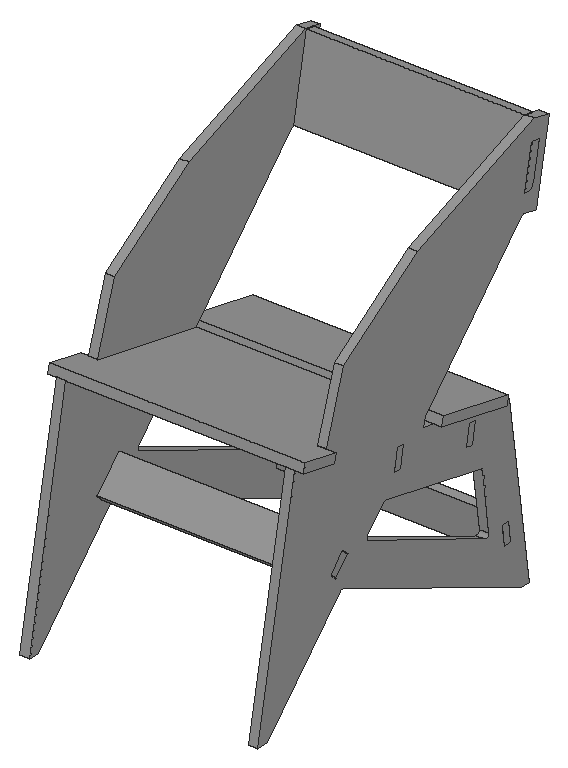
Revit family "M_Chair-Oonyu", category Mobiliário, Revit 2019
Family settings
  Número OmniClass = 23.40.20.14.14.11
  Título OmniClass = Chairs
  Com base no plano de trabalho = Não
  Sempre na vertical = Sim
  Corte com vazios quando carregada = Não
  Compartilhado = Sim
  Ponto de cálculo do ambiente = Não
Parameters
  Material = Compensado, acabamento
  Link do Fusion 360 = "http://help.autodesk.com/view/RVT/2019/ENU/?contextId=oonyu_chair"
  Descrição = "Projeto por Jeremie Oonyu, African Design Center, 2016. Permissão concedida para uso somente ao abrigo da licença Creative Commons Attribution (CC BY)"
Reference planes
  plane 1 "Frente/Traseira Centro": y = -0.527
  plane 2: z = 0
  plane 3 "Esquerda/Direita Centro": x = 0
  plane 4 "Esquerda": x = -241.3
  plane 5 "Direita": x = 241.3
Forms (mm)
  Extrusion 1, solid, material "Compensado, acabamento" <- "Material"
    sketch origin (225, 0, 0.98) x (0, -1, 0) y (0, 0, 1)
      loop
        line (-302.21, 743.759) -> (-319.336, 740.35) -> (-303.529, 660.947) -> (-286.402, 664.356) -> (-302.21, 743.759)
      loop
        line (-49.356, 388.659) -> (-45.984, 371.72) -> (-119.541, 357.076) -> (-121.564, 367.24) -> (-180.409, 355.525) -> (-178.386, 345.361) -> (-248.749, 331.353) -> (-296.225, -0.98) -> (-278.658, -0.98) -> (143.327, 181.276)
        arc (143.327, 181.276) -> (147.106, 181.67) -> (150.433, 179.836) r 6.35
        line (150.433, 179.836) -> (323.427, -0.98) -> (343.427, -0.98) -> (257.213, 432.081) -> (237.598, 428.176) -> (235.574, 438.339) -> (206.152, 432.482) -> (208.175, 422.318) -> (184.533, 417.611) -> (181.161, 434.551) -> (140.93, 557.712) -> (-34.548, 674.332) -> (-309.548, 779.645) -> (-342.373, 773.11) -> (-312.45, 622.805) -> (-283.044, 628.659)
        arc (-283.044, 628.659) -> (-279.894, 628.487) -> (-277.216, 626.821) r 6.35
        line (-277.216, 626.821) -> (-49.356, 388.659)
      loop
        line (-231.523, 124.355) -> (-248.81, 126.825) -> (-254.604, 86.266) -> (-237.317, 83.797) -> (-231.523, 124.355)
      loop
        line (-154.649, 332.243) -> (-171.776, 328.833) -> (-163.778, 288.661) -> (-146.652, 292.07) -> (-154.649, 332.243)
      loop
        line (15.441, 366.105) -> (-1.498, 362.732) -> (6.499, 322.56) -> (23.439, 325.932) -> (15.441, 366.105)
      loop
        line (144.731, 247.22) -> (132.113, 235.148) -> (160.255, 205.734) -> (172.873, 217.806) -> (144.731, 247.22)
      loop
        line (43.322, 287.536) -> (-181.352, 242.808)
        arc (-181.352, 242.808) -> (-184.723, 240.946) -> (-186.398, 237.478) r 6.35
        line (-186.398, 237.478) -> (-202.595, 124.098)
        arc (-202.595, 124.098) -> (-200.165, 118.154) -> (-193.791, 117.37) r 6.35
        line (-193.791, 117.37) -> (83.689, 237.214)
        arc (83.689, 237.214) -> (87.395, 241.783) -> (85.76, 247.434) r 6.35
        line (85.76, 247.434) -> (49.15, 285.698)
        arc (49.15, 285.698) -> (46.472, 287.365) -> (43.322, 287.536) r 6.35
    from 0 to 17.462
  Extrusion 2, solid, material "Compensado, acabamento" <- "Material"
    sketch origin (-207.537, 0, 0.98) x (0, -1, 0) y (0, 0, 1)
      loop
        line (-302.21, 743.759) -> (-319.336, 740.35) -> (-303.529, 660.947) -> (-286.402, 664.356) -> (-302.21, 743.759)
      loop
        line (-49.356, 388.659) -> (-45.984, 371.72) -> (-119.541, 357.076) -> (-121.564, 367.24) -> (-180.409, 355.525) -> (-178.386, 345.361) -> (-248.749, 331.353) -> (-296.225, -0.98) -> (-278.658, -0.98) -> (143.327, 181.276)
        arc (143.327, 181.276) -> (147.106, 181.67) -> (150.433, 179.836) r 6.35
        line (150.433, 179.836) -> (323.427, -0.98) -> (343.427, -0.98) -> (257.213, 432.081) -> (237.598, 428.176) -> (235.574, 438.339) -> (206.152, 432.482) -> (208.175, 422.318) -> (184.533, 417.611) -> (181.161, 434.551) -> (140.93, 557.712) -> (-34.548, 674.332) -> (-309.548, 779.645) -> (-342.373, 773.11) -> (-312.45, 622.805) -> (-283.044, 628.659)
        arc (-283.044, 628.659) -> (-279.894, 628.487) -> (-277.216, 626.821) r 6.35
        line (-277.216, 626.821) -> (-49.356, 388.659)
      loop
        line (-231.523, 124.355) -> (-248.81, 126.825) -> (-254.604, 86.266) -> (-237.317, 83.797) -> (-231.523, 124.355)
      loop
        line (-154.649, 332.243) -> (-171.776, 328.833) -> (-163.778, 288.661) -> (-146.652, 292.07) -> (-154.649, 332.243)
      loop
        line (15.441, 366.105) -> (-1.498, 362.732) -> (6.499, 322.56) -> (23.439, 325.932) -> (15.441, 366.105)
      loop
        line (144.731, 247.22) -> (132.113, 235.148) -> (160.255, 205.734) -> (172.873, 217.806) -> (144.731, 247.22)
      loop
        arc (-181.352, 242.808) -> (-184.723, 240.946) -> (-186.398, 237.478) r 6.35
        line (-186.398, 237.478) -> (-202.595, 124.098)
        arc (-202.595, 124.098) -> (-200.165, 118.154) -> (-193.791, 117.37) r 6.35
        line (-193.791, 117.37) -> (83.689, 237.214)
        arc (83.689, 237.214) -> (87.395, 241.783) -> (85.76, 247.434) r 6.35
        line (85.76, 247.434) -> (49.15, 285.698)
        arc (49.15, 285.698) -> (46.472, 287.365) -> (43.322, 287.536) r 6.35
        line (43.322, 287.536) -> (-181.352, 242.808)
    from 0 to 17.462
  Extrusion 3, solid, material "Compensado, acabamento" <- "Material"
    sketch origin (0, 165.203, -32.889) x (0, -0.19525, -0.980753) y (1, 0, 0)
      loop
        line (-826.039, 207.537) -> (-826.039, -207.538) -> (-789.412, -207.538) -> (-789.412, -225) -> (-708.451, -225) -> (-708.451, -207.538) -> (-672.785, -207.538) -> (-672.785, 207.537) -> (-708.451, 207.537) -> (-708.451, 225) -> (-789.412, 225) -> (-789.412, 207.537) -> (-826.039, 207.537)
    from 0 to 17.462
  Extrusion 4, solid, material "Compensado, acabamento" <- "Material"
    sketch origin (0, 73.122, 367.297) x (0, 0.980753, -0.19525) y (-1, 0, 0)
      loop
        line (-2.479, 241.3) -> (-2.479, -241.3) -> (152.833, -241.3) -> (152.833, 241.3) -> (-2.479, 241.3)
    from 0 to 17.462
  Extrusion 5, solid, material "Compensado, acabamento" <- "Material"
    sketch origin (0, 73.122, 367.297) x (0, 0.980753, -0.19525) y (-1, 0, 0)
      loop
        line (-336.626, 241.3) -> (-336.626, -241.3) -> (-262.52, -241.3) -> (-262.52, -207.728) -> (-27.479, -207.728) -> (-27.479, 207.728) -> (-262.52, 207.728) -> (-262.52, 241.3) -> (-336.626, 241.3)
    from 0 to 17.462
  Extrusion 6, solid, material "Compensado, acabamento" <- "Material"
    sketch origin (0, -186.924, 178.838) x (0, -0.691306, -0.722563) y (1, 0, 0)
      loop
        line (-96.079, -207.728) -> (-79.287, -207.728) -> (-79.287, -225) -> (-38.579, -225) -> (-38.579, -207.728) -> (-21.079, -207.728) -> (-21.079, 207.728) -> (-38.579, 207.728) -> (-38.579, 225) -> (-79.287, 225) -> (-79.287, 207.728) -> (-96.079, 207.728) -> (-96.079, -207.728)
    from 0 to 17.462
  Extrusion 7, solid, material "Compensado, acabamento" <- "Material"
    sketch origin (0, 261.727, 37.39) x (0, 0.141421, -0.989949) y (1, 0, 0)
      loop
        line (-107.863, 207.728) -> (-107.863, -207.728) -> (-91.333, -207.728) -> (-91.333, -225) -> (-50.363, -225) -> (-50.363, -207.728) -> (-32.863, -207.728) -> (-32.863, 207.728) -> (-50.363, 207.728) -> (-50.363, 225) -> (-91.333, 225) -> (-91.333, 207.728) -> (-107.863, 207.728)
    from 0 to 17.462
  Extrusion 8, solid, material "Compensado, acabamento" <- "Material"
    sketch origin (0, -68.207, 13.579) x (0, 0.19525, 0.980753) y (1, 0, 0)
      loop
        line (298.544, -207.728) -> (316.044, -207.728) -> (316.044, -225) -> (357.005, -225) -> (357.005, -207.728) -> (373.544, -207.728) -> (373.544, -133.864) -> (383.907, -133.864) -> (383.907, -73.864) -> (373.544, -73.864) -> (373.544, 73.864) -> (383.907, 73.864) -> (383.907, 133.864) -> (373.544, 133.864) -> (373.544, 207.728) -> (357.005, 207.728) -> (357.005, 225) -> (316.044, 225) -> (316.044, 207.728) -> (298.544, 207.728) -> (298.544, -207.728)
    from -17.272 to 0
  Extrusion 9, solid, material "Compensado, acabamento" <- "Material"
    sketch origin (0, 102.07, -20.32) x (0, -0.19525, -0.980753) y (1, 0, 0)
      loop
        line (-298.544, -207.728) -> (-298.544, 207.728) -> (-316.044, 207.728) -> (-316.044, 225) -> (-357.005, 225) -> (-357.005, 207.728) -> (-373.544, 207.728) -> (-373.544, 133.864) -> (-383.907, 133.864) -> (-383.907, 73.864) -> (-373.544, 73.864) -> (-373.544, -73.864) -> (-383.907, -73.864) -> (-383.907, -133.864) -> (-373.544, -133.864) -> (-373.544, -207.728) -> (-357.005, -207.728) -> (-357.005, -225) -> (-316.044, -225) -> (-316.044, -207.728) -> (-298.544, -207.728)
    from 0 to 17.462
Cuts and joins
  joined: Extrusion 5, Extrusion 8
Lines and regions (mm)
  Masking region 1
    outline origin (0, 0, 0) x (1, 0, 0) y (0, 1, 0)
      loop
        line (-205.499, 266.742) -> (-205.499, 229.186) -> (205.361, 229.186) -> (205.361, 266.742) -> (-205.499, 266.742)
Dimensions and locks
  cut or joined group of Extrusion 5, Extrusion 8 to cut or joined group of Extrusion 5, Extrusion 8 = 482.6 mm
  Extrusion 2 to Extrusion 2 = 685.8 mm
  equal spacing: Extrusion 2, plane 1 "Frente/Traseira Centro", Extrusion 2
  equal spacing: plane 4 "Esquerda", plane 3 "Esquerda/Direita Centro", plane 5 "Direita"
  aligned and locked: level to plane 2
  aligned and locked: Extrusion 2 to Extrusion 3
  aligned and locked: Extrusion 3 to Extrusion 2
Automatic sketch dimensions
  Extrusion 1 sketch curve to level = 0 mm  (x2)
  Extrusion 1 sketch curve to plane 1 "Frente/Traseira Centro" = 342.9 mm
  Extrusion 1 sketch curve to Extrusion 1 sketch curve = 23.036 mm
  Extrusion 1 sketch curve to Extrusion 1 sketch curve = 6.887 mm
  Extrusion 1 sketch curve to Extrusion 1 sketch curve = 32.825 mm
  Extrusion 1 sketch curve to Extrusion 1 sketch curve = 8.921 mm
  Extrusion 1 sketch curve to Extrusion 1 sketch curve = 17.126 mm  (x2)
  Extrusion 1 sketch curve to plane 1 "Frente/Traseira Centro" = 296.752 mm
  Extrusion 1 sketch curve to Extrusion 1 sketch curve = 29.406 mm
  Extrusion 1 sketch curve to Extrusion 1 sketch curve = 1.24 mm  (x2)
  Extrusion 1 sketch curve to Extrusion 1 sketch curve = 17.567 mm
  Extrusion 1 sketch curve to Extrusion 1 sketch curve = 5.828 mm  (x2)
  Extrusion 1 sketch curve to Extrusion 1 sketch curve = 24.053 mm
  Extrusion 1 sketch curve to Extrusion 1 sketch curve = 5.794 mm
  Extrusion 1 sketch curve to Extrusion 1 sketch curve = 0.061 mm
  level to Extrusion 1 sketch curve = 84.777 mm
  Extrusion 1 sketch curve to Extrusion 1 sketch curve = 17.287 mm
  Extrusion 1 sketch curve to Extrusion 1 sketch curve = 28.928 mm
  Extrusion 1 sketch curve to Extrusion 1 sketch curve = 6.286 mm  (x2)
  Extrusion 1 sketch curve to Extrusion 1 sketch curve = 2.518 mm  (x3)
  Extrusion 1 sketch curve to Extrusion 1 sketch curve = 62.351 mm
  Extrusion 1 sketch curve to Extrusion 1 sketch curve = 5.046 mm
  Extrusion 1 sketch curve to Extrusion 1 sketch curve = 68.34 mm
  Extrusion 1 sketch curve to Extrusion 1 sketch curve = 2.023 mm  (x4)
  Extrusion 1 sketch curve to Extrusion 1 sketch curve = 6.61 mm
  Extrusion 1 sketch curve to Extrusion 1 sketch curve = 7.998 mm
  Extrusion 1 sketch curve to Extrusion 1 sketch curve = 33.085 mm
  Extrusion 1 sketch curve to plane 1 "Frente/Traseira Centro" = 49.884 mm
  Extrusion 1 sketch curve to Extrusion 1 sketch curve = 3.372 mm  (x3)
  Extrusion 1 sketch curve to plane 1 "Frente/Traseira Centro" = 35.075 mm
  Extrusion 1 sketch curve to plane 1 "Frente/Traseira Centro" = 2.026 mm
  plane 1 "Frente/Traseira Centro" to Extrusion 1 sketch curve = 5.972 mm
  plane 1 "Frente/Traseira Centro" to Extrusion 1 sketch curve = 14.914 mm
  plane 1 "Frente/Traseira Centro" to Extrusion 1 sketch curve = 42.795 mm
  Extrusion 1 sketch curve to Extrusion 1 sketch curve = 36.609 mm
  Extrusion 1 sketch curve to Extrusion 1 sketch curve = 4.588 mm  (x2)
  Extrusion 1 sketch curve to Extrusion 1 sketch curve = 46.353 mm
  plane 1 "Frente/Traseira Centro" to Extrusion 1 sketch curve = 140.403 mm
  Extrusion 1 sketch curve to Extrusion 1 sketch curve = 11.214 mm
  Extrusion 1 sketch curve to Extrusion 1 sketch curve = 12.618 mm
  Extrusion 1 sketch curve to Extrusion 1 sketch curve = 9.822 mm
  Extrusion 1 sketch curve to Extrusion 1 sketch curve = 40.231 mm
  Extrusion 1 sketch curve to Extrusion 1 sketch curve = 24.991 mm
  Extrusion 1 sketch curve to Extrusion 1 sketch curve = 29.423 mm
  Extrusion 1 sketch curve to Extrusion 1 sketch curve = 19.615 mm
  Extrusion 1 sketch curve to Extrusion 1 sketch curve = 172.994 mm
  Extrusion 1 sketch curve to Extrusion 1 sketch curve = 20 mm
  Extrusion 1 sketch curve to Extrusion 1 sketch curve = 2.47 mm
  Extrusion 1 sketch curve to Extrusion 1 sketch curve = 6.985 mm
  Extrusion 1 sketch curve to Extrusion 1 sketch curve = 5.83 mm  (x2)
  level to Extrusion 1 sketch curve = 176.426 mm
  Extrusion 1 sketch curve to Extrusion 1 sketch curve = 4.39 mm  (x3)
  Extrusion 1 sketch curve to Extrusion 1 sketch curve = 25.898 mm
  Extrusion 1 sketch curve to Extrusion 1 sketch curve = 12.072 mm
  Extrusion 1 sketch curve to Extrusion 1 sketch curve = 113.38 mm
  Extrusion 1 sketch curve to Extrusion 1 sketch curve = 2.066 mm
  Extrusion 1 sketch curve to Extrusion 1 sketch curve = 0.898 mm
  Extrusion 1 sketch curve to Extrusion 1 sketch curve = 38.265 mm
  Extrusion 1 sketch curve to Extrusion 1 sketch curve = 45.853 mm
  Extrusion 1 sketch curve to Extrusion 1 sketch curve = 3.41 mm  (x2)
  Extrusion 1 sketch curve to Extrusion 1 sketch curve = 35.023 mm
  Extrusion 1 sketch curve to Extrusion 1 sketch curve = 2.519 mm
  Extrusion 1 sketch curve to Extrusion 1 sketch curve = 16.527 mm
  Extrusion 1 sketch curve to Extrusion 1 sketch curve = 170.391 mm
  Extrusion 1 sketch curve to Extrusion 1 sketch curve = 123.161 mm
  Extrusion 1 sketch curve to Extrusion 1 sketch curve = 266.906 mm
  Extrusion 1 sketch curve to Extrusion 1 sketch curve = 0.374 mm
  Extrusion 1 sketch curve to Extrusion 1 sketch curve = 32.288 mm
  Extrusion 1 sketch curve to Extrusion 1 sketch curve = 116.62 mm
  Extrusion 2 sketch curve to level = 0 mm  (x2)
  Extrusion 2 sketch curve to plane 1 "Frente/Traseira Centro" = 342.9 mm
  Extrusion 2 sketch curve to Extrusion 2 sketch curve = 23.036 mm
  Extrusion 2 sketch curve to Extrusion 2 sketch curve = 6.887 mm
  Extrusion 2 sketch curve to Extrusion 2 sketch curve = 32.825 mm
  Extrusion 2 sketch curve to Extrusion 2 sketch curve = 8.921 mm
  Extrusion 2 sketch curve to Extrusion 2 sketch curve = 17.126 mm  (x2)
  Extrusion 2 sketch curve to plane 1 "Frente/Traseira Centro" = 296.752 mm
  Extrusion 2 sketch curve to Extrusion 2 sketch curve = 29.406 mm
  Extrusion 2 sketch curve to Extrusion 2 sketch curve = 1.24 mm  (x2)
  Extrusion 2 sketch curve to Extrusion 2 sketch curve = 17.567 mm
  Extrusion 2 sketch curve to Extrusion 2 sketch curve = 5.828 mm  (x2)
  Extrusion 2 sketch curve to Extrusion 2 sketch curve = 24.053 mm
  Extrusion 2 sketch curve to Extrusion 2 sketch curve = 5.794 mm
  Extrusion 2 sketch curve to Extrusion 2 sketch curve = 0.061 mm
  level to Extrusion 2 sketch curve = 84.777 mm
  Extrusion 2 sketch curve to Extrusion 2 sketch curve = 17.287 mm
  Extrusion 2 sketch curve to Extrusion 2 sketch curve = 28.928 mm
  Extrusion 2 sketch curve to Extrusion 2 sketch curve = 6.286 mm  (x2)
  level to Extrusion 2 sketch curve = 118.35 mm
  Extrusion 2 sketch curve to Extrusion 2 sketch curve = 2.518 mm  (x3)
  Extrusion 2 sketch curve to Extrusion 2 sketch curve = 62.351 mm
  Extrusion 2 sketch curve to Extrusion 2 sketch curve = 5.046 mm
  Extrusion 2 sketch curve to Extrusion 2 sketch curve = 68.34 mm
  Extrusion 2 sketch curve to Extrusion 2 sketch curve = 2.023 mm  (x4)
  Extrusion 2 sketch curve to Extrusion 2 sketch curve = 6.61 mm
  Extrusion 2 sketch curve to Extrusion 2 sketch curve = 7.998 mm
  Extrusion 2 sketch curve to Extrusion 2 sketch curve = 33.085 mm
  Extrusion 2 sketch curve to plane 1 "Frente/Traseira Centro" = 49.884 mm
  Extrusion 2 sketch curve to Extrusion 2 sketch curve = 3.372 mm  (x3)
  Extrusion 2 sketch curve to plane 1 "Frente/Traseira Centro" = 35.075 mm
  Extrusion 2 sketch curve to plane 1 "Frente/Traseira Centro" = 2.026 mm
  plane 1 "Frente/Traseira Centro" to Extrusion 2 sketch curve = 5.972 mm
  plane 1 "Frente/Traseira Centro" to Extrusion 2 sketch curve = 14.914 mm
  plane 1 "Frente/Traseira Centro" to Extrusion 2 sketch curve = 42.795 mm
  Extrusion 2 sketch curve to Extrusion 2 sketch curve = 36.609 mm
  Extrusion 2 sketch curve to Extrusion 2 sketch curve = 4.588 mm  (x2)
  Extrusion 2 sketch curve to Extrusion 2 sketch curve = 46.353 mm
  plane 1 "Frente/Traseira Centro" to Extrusion 2 sketch curve = 140.403 mm
  Extrusion 2 sketch curve to Extrusion 2 sketch curve = 11.214 mm
  Extrusion 2 sketch curve to Extrusion 2 sketch curve = 12.618 mm
  Extrusion 2 sketch curve to Extrusion 2 sketch curve = 9.822 mm
  Extrusion 2 sketch curve to Extrusion 2 sketch curve = 40.231 mm
  Extrusion 2 sketch curve to Extrusion 2 sketch curve = 24.991 mm
  Extrusion 2 sketch curve to Extrusion 2 sketch curve = 29.423 mm
  Extrusion 2 sketch curve to Extrusion 2 sketch curve = 19.615 mm
  Extrusion 2 sketch curve to Extrusion 2 sketch curve = 172.994 mm
  Extrusion 2 sketch curve to Extrusion 2 sketch curve = 20 mm
  Extrusion 2 sketch curve to Extrusion 2 sketch curve = 2.47 mm
  Extrusion 2 sketch curve to Extrusion 2 sketch curve = 5.83 mm  (x2)
  level to Extrusion 2 sketch curve = 176.426 mm
  Extrusion 2 sketch curve to Extrusion 2 sketch curve = 4.39 mm  (x3)
  Extrusion 2 sketch curve to Extrusion 2 sketch curve = 25.898 mm
  Extrusion 2 sketch curve to Extrusion 2 sketch curve = 12.072 mm
  Extrusion 2 sketch curve to Extrusion 2 sketch curve = 113.38 mm
  Extrusion 2 sketch curve to Extrusion 2 sketch curve = 2.066 mm
  Extrusion 2 sketch curve to Extrusion 2 sketch curve = 0.898 mm
  Extrusion 2 sketch curve to Extrusion 2 sketch curve = 38.265 mm
  Extrusion 2 sketch curve to Extrusion 2 sketch curve = 45.853 mm
  Extrusion 2 sketch curve to Extrusion 2 sketch curve = 3.41 mm  (x2)
  Extrusion 2 sketch curve to Extrusion 2 sketch curve = 35.023 mm
  Extrusion 2 sketch curve to Extrusion 2 sketch curve = 2.519 mm
  Extrusion 2 sketch curve to Extrusion 2 sketch curve = 16.527 mm
  Extrusion 2 sketch curve to Extrusion 2 sketch curve = 170.391 mm
  Extrusion 2 sketch curve to Extrusion 2 sketch curve = 123.161 mm
  Extrusion 2 sketch curve to Extrusion 2 sketch curve = 266.906 mm
  Extrusion 2 sketch curve to Extrusion 2 sketch curve = 0.374 mm
  Extrusion 2 sketch curve to Extrusion 2 sketch curve = 32.288 mm
  Extrusion 2 sketch curve to Extrusion 2 sketch curve = 116.62 mm
  Extrusion 3 sketch curve to plane 5 "Direita" = 33.762 mm  (x2)
  Extrusion 3 sketch curve to Extrusion 3 sketch curve = 36.627 mm  (x2)
  Extrusion 3 sketch curve to plane 5 "Direita" = 16.3 mm
  Extrusion 3 sketch curve to Extrusion 3 sketch curve = 80.961 mm  (x2)
  plane 4 "Esquerda" to Extrusion 3 sketch curve = 33.763 mm  (x2)
  Extrusion 3 sketch curve to Extrusion 3 sketch curve = 35.666 mm
  plane 4 "Esquerda" to Extrusion 3 sketch curve = 16.3 mm
  Extrusion 4 sketch curve to plane 5 "Direita" = 0 mm
  Extrusion 4 sketch curve to plane 4 "Esquerda" = 0 mm
  Extrusion 4 sketch curve to Extrusion 4 sketch curve = 155.313 mm
  Extrusion 5 sketch curve to plane 4 "Esquerda" = 0 mm
  Extrusion 5 sketch curve to plane 5 "Direita" = 0 mm
  Extrusion 5 sketch curve to Extrusion 5 sketch curve = 74.106 mm  (x2)
  Extrusion 5 sketch curve to plane 5 "Direita" = 33.572 mm
  Extrusion 5 sketch curve to Extrusion 5 sketch curve = 235.041 mm
  plane 4 "Esquerda" to Extrusion 5 sketch curve = 33.572 mm
  plane 4 "Esquerda" to Extrusion 6 sketch curve = 33.572 mm
  Extrusion 6 sketch curve to Extrusion 6 sketch curve = 16.792 mm  (x2)
  plane 4 "Esquerda" to Extrusion 6 sketch curve = 16.3 mm
  Extrusion 6 sketch curve to Extrusion 6 sketch curve = 40.708 mm  (x2)
  Extrusion 6 sketch curve to Extrusion 6 sketch curve = 17.5 mm
  Extrusion 6 sketch curve to Extrusion 6 sketch curve = 17.272 mm
  Extrusion 6 sketch curve to plane 5 "Direita" = 33.572 mm  (x2)
  Extrusion 6 sketch curve to plane 5 "Direita" = 16.3 mm
  Extrusion 7 sketch curve to plane 5 "Direita" = 33.572 mm
  Extrusion 7 sketch curve to Extrusion 7 sketch curve = 16.53 mm  (x2)
  Extrusion 7 sketch curve to plane 5 "Direita" = 16.3 mm
  Extrusion 7 sketch curve to Extrusion 7 sketch curve = 40.97 mm  (x2)
  Extrusion 7 sketch curve to Extrusion 7 sketch curve = 17.5 mm
  plane 4 "Esquerda" to Extrusion 7 sketch curve = 33.572 mm  (x2)
  plane 4 "Esquerda" to Extrusion 7 sketch curve = 16.3 mm
  Extrusion 7 sketch curve to Extrusion 7 sketch curve = 17.272 mm
  plane 4 "Esquerda" to Extrusion 8 sketch curve = 33.572 mm
  Extrusion 8 sketch curve to Extrusion 8 sketch curve = 17.5 mm  (x2)
  Extrusion 8 sketch curve to Extrusion 8 sketch curve = 40.961 mm  (x2)
  Extrusion 8 sketch curve to plane 5 "Direita" = 16.3 mm
  Extrusion 8 sketch curve to Extrusion 8 sketch curve = 16.539 mm
  Extrusion 8 sketch curve to Extrusion 8 sketch curve = 0 mm  (x2)
  Extrusion 8 sketch curve to Extrusion 8 sketch curve = 10.363 mm  (x2)
  plane 4 "Esquerda" to Extrusion 8 sketch curve = 16.3 mm
  Extrusion 8 sketch curve to Extrusion 8 sketch curve = 17.272 mm  (x3)
  Extrusion 8 sketch curve to Extrusion 8 sketch curve = 73.864 mm
  Extrusion 8 sketch curve to Extrusion 8 sketch curve = 60 mm  (x2)
  plane 3 "Esquerda/Direita Centro" to Extrusion 8 sketch curve = 73.864 mm
  plane 3 "Esquerda/Direita Centro" to Extrusion 9 sketch curve = 73.864 mm
  Extrusion 9 sketch curve to plane 3 "Esquerda/Direita Centro" = 73.864 mm
  Extrusion 9 sketch curve to Extrusion 9 sketch curve = 0 mm
  Extrusion 9 sketch curve to Extrusion 9 sketch curve = 10.363 mm  (x3)
  Extrusion 9 sketch curve to plane 5 "Direita" = 33.572 mm
  Extrusion 9 sketch curve to Extrusion 9 sketch curve = 16.539 mm  (x2)
  Extrusion 9 sketch curve to Extrusion 9 sketch curve = 40.961 mm  (x2)
  Extrusion 9 sketch curve to plane 5 "Direita" = 16.3 mm
  Extrusion 9 sketch curve to Extrusion 9 sketch curve = 17.5 mm
  Extrusion 9 sketch curve to Extrusion 9 sketch curve = 60 mm  (x2)
  plane 4 "Esquerda" to Extrusion 9 sketch curve = 33.572 mm  (x2)
  plane 4 "Esquerda" to Extrusion 9 sketch curve = 16.3 mm
  Extrusion 9 sketch curve to Extrusion 9 sketch curve = 17.272 mm
  plane 4 "Esquerda" to Masking region 1 sketch curve = 35.801 mm
  Masking region 1 sketch curve to plane 5 "Direita" = 35.939 mm
  Masking region 1 sketch curve to plane 1 "Frente/Traseira Centro" = 229.713 mm
  Masking region 1 sketch curve to Masking region 1 sketch curve = 37.556 mm
